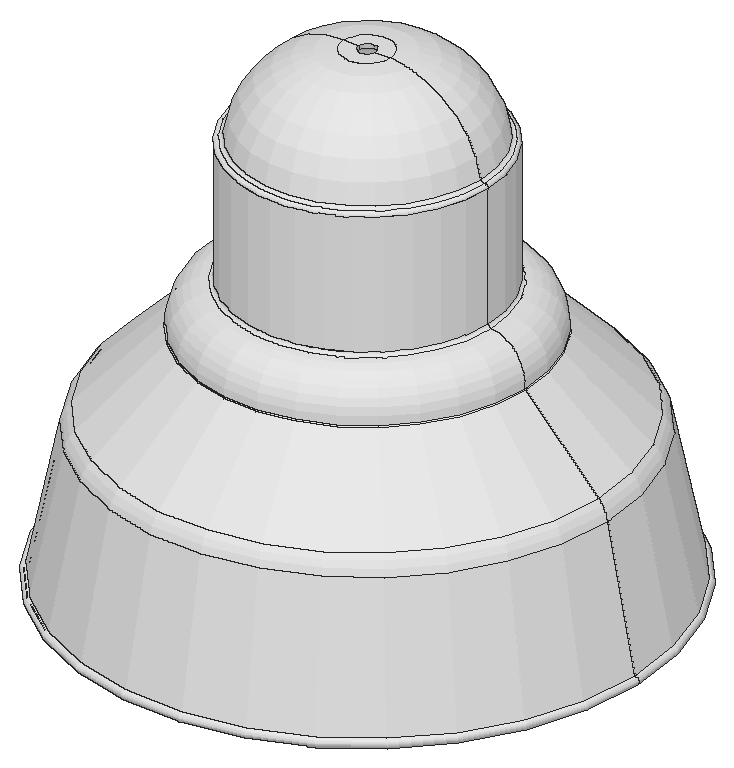
Revit family "SBW10716 SHADE", category Lighting Fixtures, Revit 2024
Family settings
  Round Connector Dimension = Use Diameter
  Part Type = Normal
  OmniClass Number = 23.80.70.00
  OmniClass Title = Lighting
  Work Plane-Based = No
  Always vertical = Yes
  Cut with Voids When Loaded = No
  Light Source = Yes
  Maintain Annotation Orientation = No
  Shared = No
  Room Calculation Point = No
Parameters
  Wattage = 12.1178 W
  built-in parameter 1150110 = 1 (stored number, unit not read)
  built-in parameter 1114217 = 1 (stored number, unit not read)
  built-in parameter 1150109 = 1 (stored number, unit not read)
  built-in parameter 1150134 = (empty or 0)
  built-in parameter 1150113 = 1 (stored number, unit not read)
  Lumens = 1800 lm
  built-in parameter 1150115 = 1 (stored number, unit not read)
  built-in parameter 1150105 = 572.96 (stored number, unit not read)
  Light Source Symbol Size = 2' - 0"
  built-in parameter 1150137 = (empty or 0)
  built-in parameter 1150139 = (empty or 0)
  built-in parameter 1150112 = 1 (stored number, unit not read)
  built-in parameter 1150114 = 1 (stored number, unit not read)
  built-in parameter 1150132 = 2
  built-in parameter 1150102 = (empty or 0)
  built-in parameter 1150138 = (empty or 0)
  built-in parameter 1150107 = 3000 (stored number, unit not read)
  built-in parameter 1150106 = 5.7296 (stored number, unit not read)
  built-in parameter 1150104 = 13.8 (stored number, unit not read)
  Dimming Lamp Color Temperature Shift = (empty or 0)
  Default Elevation = 0' - 0"
  Color Filter = 16777215
  built-in parameter 1114218 = 1 (stored number, unit not read)
  built-in parameter 1150133 = 10 (stored number, unit not read)
Reference planes (in)
  plane 1 "Light Source Axis (F/B)": y = 0
  plane 2: z = 0
  plane 3 "Light Source Axis (L/R)": x = 0
  plane 4 "Light Source Elevation": z = 54
Forms (in)
  Revolve 1, solid
    sketch origin (0, 0, 0) x (1, 0, 0) y (0, 0, 1)
      loop
        arc (-0.67881, 68) -> (-2.42154, 67.35743) -> (-3.32998, 65.73732) r 2.68452
        arc (-3.32998, 65.73732) -> (-3.36995, 65.67981) -> (-3.43785, 65.66263) r 0.1
        arc (-3.43785, 65.66263) -> (-3.51553, 65.63772) -> (-3.54881, 65.56323) r 0.1
        line (-3.54881, 65.56323) -> (-3.54881, 62.00532)
        arc (-3.54881, 62.00532) -> (-3.57513, 61.93771) -> (-3.64023, 61.90569) r 0.1
        arc (-3.64023, 61.90569) -> (-4.39897, 61.50871) -> (-4.64931, 60.6898) r 1.10988
        arc (-4.64931, 60.6898) -> (-4.65473, 60.66623) -> (-4.67059, 60.64796) r 0.05
        line (-4.67059, 60.64796) -> (-6.80071, 58.53543)
        arc (-6.80071, 58.53543) -> (-6.9735, 58.30596) -> (-7.07393, 58.03683) r 1
        line (-7.07393, 58.03683) -> (-7.86464, 54.25)
        arc (-7.86464, 54.25) -> (-7.98964, 54.125) -> (-7.86464, 54) r 0.125
        arc (-7.86464, 54) -> (-7.81777, 54.04688) -> (-7.86464, 54.09375) r 0.04688
        arc (-7.86464, 54.09375) -> (-7.89589, 54.125) -> (-7.86464, 54.15625) r 0.03125
        line (-7.86464, 54.15625) -> (-7.77287, 54.23084) -> (-6.98223, 58.01733)
        arc (-6.98223, 58.01733) -> (-6.89121, 58.26105) -> (-6.73469, 58.46887) r 0.90625
        line (-6.73469, 58.46887) -> (-4.60877, 60.57723)
        arc (-4.60877, 60.57723) -> (-4.56797, 60.63044) -> (-4.55574, 60.69637) r 0.14375
        arc (-4.55574, 60.69637) -> (-4.3277, 61.44779) -> (-3.63217, 61.81229) r 1.01613
        arc (-3.63217, 61.81229) -> (-3.50605, 61.87433) -> (-3.45506, 62.00532) r 0.19375
        line (-3.45506, 62.00532) -> (-3.45506, 65.57033)
        arc (-3.45506, 65.57033) -> (-3.30762, 65.60933) -> (-3.23407, 65.74294) r 0.19375
        arc (-3.23407, 65.74294) -> (-2.35282, 67.2928) -> (-0.67881, 67.90625) r 2.59077
        line (-0.67881, 67.90625) -> (-0.25, 67.90625) -> (-0.25, 68) -> (-0.67881, 68)
      axis (0, 68) -> (0, 54)
    angle from 0 to 360
Dimensions and locks (in)
  aligned and locked: plane 3 "Light Source Axis (L/R)" to imposter light
  aligned and locked: plane 1 "Light Source Axis (F/B)" to imposter light
  aligned and locked: plane 4 "Light Source Elevation" to imposter light
  aligned and locked: level to plane 2
